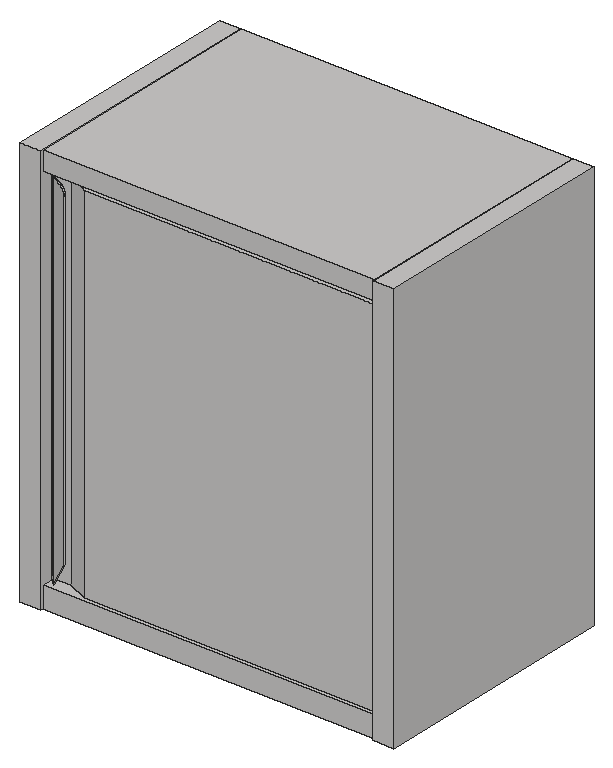
Revit family "QF_ELECTROLUXPROFESSIONAL_121880_TAP1B6", category Attrezzature speciali, Revit 2020
Family settings
  Quota connettore circolare = Usa diametro
  Tipo di parte = Normale
  Basato su piano di lavoro = No
  Sempre verticale = Sì
  Taglio con vuoti quando caricato = No
  Condiviso = No
  Punto di calcolo locali = No
Parameters (values of type "Standard")
  Weight = 40.00 kg
  Watts = 0 W
  Volts = 0 V
  URL Manufacturer = "https://www.electroluxprofessional.com/"
  URL = "https://www.electroluxprofessional.com/"
  Steam Supply Size = 0 mm
  Steam Supply Minimum Pressure = 0.0 Pa
  Steam Supply Maximum Pressure = 0.0 Pa
  Steam Consumption per Hour = 0
  Refrigeration Suction Line Size = 0.0 mm
  Refrigeration Liquid Line Size = 0.0 mm
  Refrigerant Compressor Remote = yes
  Prospetto di default = 0.0 mm
  Phase = 0
  Modello = "TAP1B6"
  Produttore = "Electrolux Professional"
  Length Actual = 600.0 mm  # constant formula
  Item Number = "121880"
  Hot Water Size = 0 mm
  Height Actual = 660.0 mm  # constant formula
  HP = "0 HP"
  Gas Size = 0 mm
  Gas KW = 0
  Gas Input Pressure = 0 W
  Direct Waste Size = 0 mm
  Descrizione = "WALL CUPBOARD W/1 HINGED DOOR 600 MM"
  Depth Actual = 400.0 mm  # constant formula
  Cycle = 0 Hz
  Condensate Return Size = 0 mm
  Compressed Air Volume = 0.0 L/s
  Compressed Air Size = 0 mm
  Compressed Air Pressure = 0.0 Pa
  Cold Water Size = 0 mm
  Accessory = yes
Reference planes
  plane 1 "Center (Front/Back)": y = 0
  plane 2: z = 0
  plane 3 "Center (Left/Right)": x = -300
  plane 4 "LEFT": x = -600
  plane 5 "RIGHT": x = 0
  plane 6 "BACK": y = 200
  plane 7 "FRONT": y = -200
  plane 8 "Base": z = 2260
  plane 9 "BASE": z = 1600
  plane 10: x = -566
  plane 11: x = -34
  plane 12: y = -197
  plane 13: y = 170
Forms (mm)
  Extrusion 1, solid, material "QF_Finishes_Stainless Steel"
    sketch origin (0, 0, 1600) x (-1, 0, 0) y (0, -1, 0)
      loop
        line (600, -200) -> (600, 200) -> (566, 200) -> (566, -200) -> (600, -200)
      loop
        line (34, -200) -> (34, 200) -> (0, 200) -> (0, -200) -> (34, -200)
    from 0 to 660
  Extrusion 2, solid, material "QF_Finishes_Stainless Steel"
    sketch origin (0, 0, 1600) x (-1, 0, 0) y (0, -1, 0)
      loop
        line (566, -170) -> (566, 197) -> (34, 197) -> (34, -170) -> (566, -170)
    from 0 to 35
  Extrusion 3, solid, material "QF_Finishes_Stainless Steel"
    sketch origin (0, 0, 0) x (1, 0, 0) y (0, 1, 0)
      loop
        line (-566, -197) -> (-34, -197) -> (-34, 200) -> (-566, 200) -> (-566, -197)
    from 2230 to 2260
  Extrusion 4, solid, material "QF_Finishes_Stainless Steel"
    sketch origin (0, 0, 1600) x (-1, 0, 0) y (0, -1, 0)
      loop
        line (566, -200) -> (566, -170) -> (34, -170) -> (34, -200) -> (566, -200)
    from 630 to 0
  Extrusion 5, solid, material "QF_Finishes_Stainless Steel"
    sketch origin (0, -200, 0) x (-1, 0, 0) y (0, 0, 1)
      loop
        line (34, 1635) -> (44, 1635) -> (44, 1640) -> (34, 1640) -> (34, 1635)
    from 38 to 40
Lines and regions (mm)
  symbolic lines, style "SpecialityEquipment"
    curve 1: line (0, 200, 2300) -> (-600, 200, 2300)
    curve 2: line (0, -200, 2300) -> (0, 200, 2300)
    curve 3: line (-600, -204.5, 1600) -> (-600, 200, 1600)
    curve 4: line (-600, -200, 1600) -> (-566, -200, 1600)
    curve 5: line (-566, -200, 1600) -> (-566, -197, 1600)
    curve 6: line (-566, -197, 1600) -> (-34, -197, 1600)
    curve 7: line (-34, -197, 1600) -> (-34, -200, 1600)
    curve 8: line (-34, -200, 1600) -> (0, -200, 1600)
  symbolic lines
    curve 9: line (-600, 200, 1600) -> (0, -200, 1600)
    curve 10: line (0, 200, 1600) -> (-600, -200, 1600)
Dimensions and locks
  plane 4 "LEFT" to plane 5 "RIGHT" = 600.0 mm
  equal spacing: plane 4 "LEFT", plane 3 "Center (Left/Right)", plane 5 "RIGHT"
  plane 6 "BACK" to plane 7 "FRONT" = 400.0 mm
  equal spacing: plane 6 "BACK", plane 1 "Center (Front/Back)", plane 7 "FRONT"
  plane 9 "BASE" to level = 1600.0 mm
  locked: plane 4 "LEFT" to plane 10 at 34
  locked: plane 11 to plane 5 "RIGHT" at 34
  plane 12 to plane 7 "FRONT" = 3.0 mm
  plane 6 "BACK" to plane 13 = 30.0 mm
  locked: plane 8 "Base" to plane 9 "BASE" at 660
  aligned and locked: level to plane 2
  aligned and locked: plane 8 "Base" to Extrusion 1
  aligned and locked: plane 6 "BACK" to Extrusion 1 sketch curve
  aligned and locked: Extrusion 1 sketch curve to plane 6 "BACK"
  aligned and locked: plane 7 "FRONT" to Extrusion 1 sketch curve
  aligned and locked: Extrusion 1 sketch curve to plane 7 "FRONT"
  aligned and locked: plane 10 to Extrusion 1
  aligned and locked: Extrusion 1 to plane 11
  aligned and locked: Extrusion 2 to plane 10
  aligned and locked: plane 11 to Extrusion 2
  aligned and locked: plane 8 "Base" to Extrusion 3
  aligned and locked: Extrusion 2 to plane 12
  aligned and locked: Extrusion 2 to plane 13
  aligned and locked: Extrusion 3 to plane 12
  aligned and locked: plane 10 to Extrusion 4 sketch curve
  aligned and locked: Extrusion 4 sketch curve to plane 11
  aligned and locked: Extrusion 4 sketch curve to plane 6 "BACK"
  aligned and locked: Extrusion 4 sketch curve to plane 13
  aligned and locked: Extrusion 4 to Extrusion 3
  aligned and locked: Extrusion 4 to plane 9 "BASE"
  aligned and locked: plane 6 "BACK" to Extrusion 3
Automatic sketch dimensions
  curve 2 to plane 5 "RIGHT" = 0.0 mm
  curve 2 to plane 7 "FRONT" = 0.0 mm
  curve 1 to plane 4 "LEFT" = 0.0 mm
  curve 1 to plane 6 "BACK" = 0.0 mm
  Extrusion 1 sketch curve to plane 5 "RIGHT" = 0.0 mm
  Extrusion 1 sketch curve to plane 11 = 0.0 mm
  Extrusion 1 sketch curve to plane 10 = 0.0 mm
  Extrusion 1 sketch curve to plane 4 "LEFT" = 0.0 mm
  Extrusion 2 sketch curve to plane 11 = 0.0 mm
  Extrusion 2 sketch curve to plane 10 = 0.0 mm
  plane 13 to Extrusion 2 sketch curve = 0.0 mm
  Extrusion 2 sketch curve to plane 12 = 0.0 mm
  Extrusion 3 sketch curve to plane 10 = 0.0 mm
  Extrusion 3 sketch curve to plane 11 = 0.0 mm
  Extrusion 3 sketch curve to plane 12 = 0.0 mm
  Extrusion 3 sketch curve to plane 13 = 30.0 mm
  Extrusion 5 sketch curve to plane 11 = 0.0 mm
  Extrusion 5 sketch curve to plane 11 = 10.0 mm
  plane 9 "BASE" to Extrusion 5 sketch curve = 35.0 mm
  Extrusion 5 sketch curve to Extrusion 5 sketch curve = 5.0 mm
  curve 9 to plane 5 "RIGHT" = 0.0 mm
  curve 10 to plane 5 "RIGHT" = 0.0 mm
  curve 8 to plane 7 "FRONT" = 0.0 mm
  curve 8 to plane 11 = 0.0 mm
  curve 5 to plane 10 = 0.0 mm
  curve 10 to plane 4 "LEFT" = 0.0 mm
  curve 3 to plane 6 "BACK" = 0.0 mm
  curve 10 to plane 6 "BACK" = 0.0 mm
  curve 6 to plane 12 = 0.0 mm
  curve 10 to plane 7 "FRONT" = 0.0 mm
  curve 3 to plane 7 "FRONT" = 4.5 mm
Nested families
  nested 1: "H637_600_1SLIDEDOOR" at (-289.372, -162, 1932) x (1, 0, 0) z (0, -1, 0), type "H637_600_1SLIDEDOOR"
    with Width 600.0 mm, Show Clearance yes
Definition of nested family "H637_600_1SLIDEDOOR"
  Parameters
    Width [instance] = 600.0 mm
    Show Clearance [instance] = yes
    Model = "727995"
    Height = 660.0 mm
    Default Elevation = 0.0 mm
  Reference planes
    plane 1 "Center (Front/Back)": y = 0
    plane 2: z = 0
    plane 3 "Center (Left/Right)": x = -11.958
    plane 4 "panel": z = 25
    plane 5 "High": y = 330
    plane 6 "Low": y = -330
    plane 7 "Left": x = -311.958
    plane 8: x = -273.958
    plane 9 "Right": x = 288.042
    plane 10: x = 253.042
    plane 11: x = -276.958
    plane 12: x = 250.042
    plane 13: y = 292
    plane 14: y = -292
    plane 15: z = 40.034
  Forms (mm)
    Extrusion 1, solid
      sketch origin (0, -919.2, 0) x (1, 0, 0) y (0, 1, 0)
        loop
          line (-980.5, 2119.2) -> (-980.5, -162.846) -> (881.94, -162.846) -> (881.94, 2119.2) -> (-980.5, 2119.2)
      from 0 to -59.546
    Extrusion 2, solid
      sketch origin (552.042, 0, 0) x (-1, 0, 0) y (0, 0, -1)
        loop
          line (299.67, -35) -> (761, -35) -> (796, -20) -> (826, -20) -> (826, 0) -> (299.67, 0) -> (299.67, -35)
      from 292 to -293
    Extrusion 3, solid
      sketch origin (0, 0, 0) x (1, 0, 0) y (0, 0, 1)
        loop
          line (-231.958, 49) -> (-259.958, 34) -> (-273.958, 20) -> (-271.13, 20) -> (-258.753, 32.377) -> (-231.014, 47.237) -> (-231.958, 49)
      from -293 to 292
    Extrusion 4, void
      sketch origin (0, 0, 0) x (1, 0, 0) y (0, 1, 0)
        loop
          line (-226.458, -292) -> (-226.458, -240.25) -> (-260.958, -292) -> (-226.458, -292)
        loop
          line (-231.014, 293) -> (-241.014, 293)
          arc (-241.014, 293) -> (-233.943, 290.071) -> (-231.014, 283) r 10
          line (-231.014, 283) -> (-231.014, 293)
      from 28.426 to 53.364
    Extrusion 5, solid, detail levels coarse
      sketch origin (0, 0, 0) x (1, 0, 0) y (0, 0, 1)
        loop
          line (250.042, 40.034) -> (250.042, 564.034)
          arc (250.042, 564.034) -> (-120.482, 410.558) -> (-273.958, 40.034) r 524
          line (-273.958, 40.034) -> (250.042, 40.034)
      from -292 to 292
  Cuts and joins
    Extrusion 4 cuts Extrusion 3
  Lines and regions (mm)
    symbolic lines
      curve 1: line (-230.95, 0, 47.271) -> (-231.895, 0, 49.034)
      curve 2: line (-231.895, 0, 49.034) -> (-248.688, 0, 40.037)
      curve 3: line (-244.449, 0, 40.04) -> (-230.95, 0, 47.271)
      curve 4: arc (250.042, 0, 564.034) -> (-120.482, 0, 410.558) -> (-273.958, 0, 40.034) r 524
      curve 5: line (250.042, 0, 40.034) -> (250.042, 0, 564.034)
  Dimensions and locks
    plane 4 "panel" to level = 25.0 mm
    "Width": plane 7 "Left" to plane 9 "Right"
    equal spacing: plane 7 "Left", plane 3 "Center (Left/Right)", plane 9 "Right"
    locked: plane 7 "Left" to plane 11 at 35
    locked: plane 11 to plane 8 at 3
    locked: plane 12 to plane 10 at 3
    equal spacing: plane 6 "Low", plane 1 "Center (Front/Back)", plane 5 "High"
    "Height": plane 6 "Low" to plane 5 "High"
    locked: plane 6 "Low" to plane 14 at 38
    locked: plane 13 to plane 5 "High" at 38
    locked: plane 10 to plane 9 "Right" at 35
    plane 15 to Extrusion 1 = 40.034 mm
    aligned and locked: plane 2 to Extrusion 1
    aligned and locked: level to Extrusion 1
  Automatic sketch dimensions
    Extrusion 1 sketch curve to Extrusion 1 sketch curve = 1862.44 mm
    Extrusion 1 sketch curve to Extrusion 1 sketch curve = 2282.046 mm
    plane 8 to Extrusion 3 sketch curve = 0.0 mm
    plane 4 "panel" to Extrusion 3 sketch curve = 9.0 mm
    Extrusion 3 sketch curve to plane 8 = 14.0 mm
    plane 4 "panel" to Extrusion 3 sketch curve = 7.377 mm
    Extrusion 3 sketch curve to plane 4 "panel" = 5.0 mm
    Extrusion 3 sketch curve to plane 8 = 2.828 mm
    Extrusion 2 sketch curve to level = 0.0 mm
    plane 8 to Extrusion 2 sketch curve = 0.0 mm
    Extrusion 2 sketch curve to Extrusion 2 sketch curve = 35.0 mm
    Extrusion 2 sketch curve to plane 10 = 0.67 mm
    plane 4 "panel" to Extrusion 2 sketch curve = 10.0 mm
    Extrusion 2 sketch curve to plane 8 = 65.0 mm
    Extrusion 2 sketch curve to plane 4 "panel" = 5.0 mm
    Extrusion 3 sketch curve to Extrusion 3 sketch curve = 1.205 mm
    Extrusion 3 sketch curve to Extrusion 3 sketch curve = 28.0 mm
    Extrusion 4 sketch curve to plane 14 = 0.0 mm
    Extrusion 4 sketch curve to plane 8 = 13.0 mm
    Extrusion 4 sketch curve to plane 13 = 9.0 mm
    Extrusion 4 sketch curve to plane 8 = 32.944 mm
    plane 13 to Extrusion 4 sketch curve = 1.0 mm
    Extrusion 4 sketch curve to Extrusion 4 sketch curve = 34.5 mm
    plane 14 to Extrusion 4 sketch curve = 51.75 mm
    curve 2 to curve 3 = 4.239 mm
    curve 3 to curve 1 = 12.554 mm
    plane 4 "panel" to curve 3 = 22.271 mm
    curve 1 to curve 3 = 0.944 mm
    plane 4 "panel" to Extrusion 3 sketch curve = 22.237 mm
    plane 15 to curve 2 = 0.003 mm
    curve 2 to plane 8 = 25.27 mm
    plane 8 to Extrusion 5 sketch curve = 0.0 mm
    Extrusion 5 sketch curve to plane 12 = 0.0 mm
    Extrusion 5 sketch curve to plane 15 = 0.0 mm
    plane 8 to curve 4 = 0.0 mm
    curve 4 to plane 12 = 0.0 mm
    curve 5 to plane 15 = 0.0 mm
    curve 4 to plane 15 = 0.0 mm
